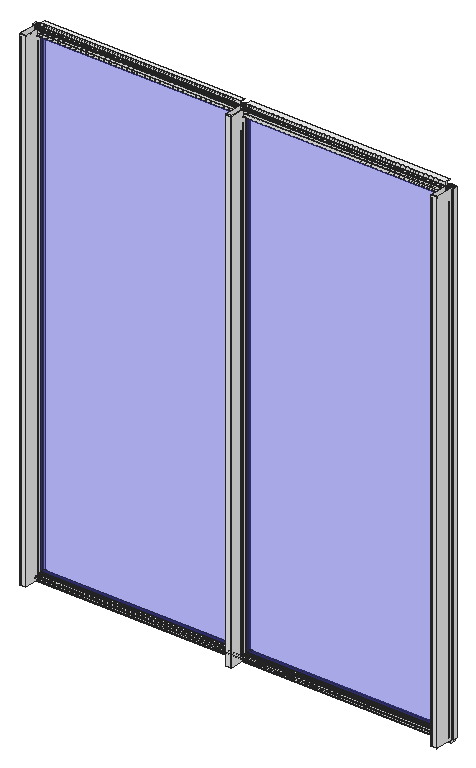
Revit family "Facade_60_Curtain_Wall_S21_Standard", category Windows, host Wall, Revit 2014 (continued)
Definition of nested family "F60 Vertical Profile Middle_S21_Std"
  Forms (mm)
    Extrusion 3, solid, material <- "Thermal Break Material", visible <- "Single Glazing"
      sketch origin (0, 0, 0) x (1, 0, 0) y (0, 1, 0)
        loop
          line (34.249, -9.511) -> (32.352, -9.511) -> (32.352, 0.19) -> (31.349, 2.261)
          arc (31.349, 2.261) -> (29.999, 2.986) -> (28.649, 2.261) r 1.62
          line (28.649, 2.261) -> (27.647, 0.19) -> (27.647, -9.511) -> (25.749, -9.511)
          arc (25.749, -9.511) -> (25.396, -9.657) -> (25.249, -10.011) r 0.5
          line (25.249, -10.011) -> (25.249, -13.511)
          arc (25.249, -13.511) -> (25.396, -13.864) -> (25.749, -14.011) r 0.5
        loop
          line (28.504, -10.005) -> (28.504, -10.861)
          arc (28.504, -10.861) -> (28.651, -11.214) -> (29.004, -11.361) r 0.5
          line (29.004, -11.361) -> (30.994, -11.361)
          arc (30.994, -11.361) -> (31.348, -11.214) -> (31.494, -10.861) r 0.5
          line (31.494, -10.861) -> (31.494, -10.005) -> (30.708, -9.219)
          arc (30.708, -9.219) -> (30.383, -9.001) -> (29.999, -8.924) r 1.007
          arc (29.999, -8.924) -> (29.616, -8.999) -> (29.292, -9.217) r 0.986
          line (29.292, -9.217) -> (28.504, -10.005)
        loop
          arc (30.896, 1.935) -> (29.887, 2.44) -> (29.005, 1.735) r 1.047
          line (29.005, 1.735) -> (28.347, 0.374) -> (28.347, -6.993)
          arc (28.347, -6.993) -> (28.583, -7.417) -> (29.068, -7.441) r 0.5
          arc (29.068, -7.441) -> (29.999, -7.223) -> (30.93, -7.441) r 2.099
          arc (30.93, -7.441) -> (31.416, -7.417) -> (31.652, -6.993) r 0.5
          line (31.652, -6.993) -> (31.652, 0.374) -> (30.896, 1.935)
      from 0 to 250 <- "Length"
    Extrusion 4, solid, material <- "Profile Material", visible <- "Single Glazing"
      sketch origin (0, 0, 0) x (1, 0, 0) y (0, 1, 0)
        loop
          line (52.693, -14.011) -> (32.327, -14.011) -> (31.519, -12.611) -> (28.481, -12.611) -> (27.673, -14.011) -> (7.307, -14.011) -> (7.307, -15.011) -> (8.457, -15.011) -> (8.457, -16.261) -> (2.957, -16.261) -> (2.957, -15.011) -> (4.107, -15.011) -> (4.107, -14.011) -> (1.707, -14.011)
          arc (1.707, -14.011) -> (1.199, -14.293) -> (1.168, -14.873) r 0.6
          line (1.168, -14.873) -> (2.093, -16.772) -> (1.015, -17.298) -> (1.484, -18.261) -> (11.488, -18.261)
          arc (11.488, -18.261) -> (11.913, -18.085) -> (12.088, -17.661) r 0.6
          line (12.088, -17.661) -> (12.088, -16.811) -> (47.912, -16.811) -> (47.912, -17.661)
          arc (47.912, -17.661) -> (48.088, -18.085) -> (48.512, -18.261) r 0.6
          line (48.512, -18.261) -> (58.518, -18.261) -> (58.987, -17.298) -> (57.908, -16.772) -> (58.834, -14.874)
          arc (58.834, -14.874) -> (58.802, -14.293) -> (58.293, -14.011) r 0.6
          line (58.293, -14.011) -> (55.893, -14.011) -> (55.893, -15.011) -> (57.043, -15.011) -> (57.043, -16.261) -> (51.543, -16.261) -> (51.543, -15.011) -> (52.693, -15.011) -> (52.693, -14.011)
      from 0 to 250 <- "Length"
    Extrusion 5, solid, material <- "Profile Material", visible <- "Single Glazing"
      sketch origin (0, 0, 0) x (1, 0, 0) y (0, 1, 0)
        loop
          line (2.801, -18.261) -> (1.484, -18.261) -> (1.015, -17.298) -> (2.093, -16.772) -> (0.779, -14.076)
          arc (0.779, -14.076) -> (0.239, -14.21) -> (0.001, -14.713) r 0.65
          line (0.001, -14.713) -> (0.001, -28.068)
          arc (0.001, -28.068) -> (1.172, -30.897) -> (4.001, -32.068) r 4
          line (4.001, -32.068) -> (30.001, -32.068) -> (56.001, -32.068)
          arc (56.001, -32.068) -> (58.829, -30.897) -> (60.001, -28.068) r 4
          line (60.001, -28.068) -> (60.001, -14.713)
          arc (60.001, -14.713) -> (59.763, -14.21) -> (59.223, -14.076) r 0.65
          line (59.223, -14.076) -> (57.908, -16.772) -> (58.987, -17.298) -> (58.518, -18.261) -> (57.201, -18.261)
          arc (57.201, -18.261) -> (56.83, -18.425) -> (56.703, -18.811) r 0.5
          arc (56.703, -18.811) -> (56.83, -19.196) -> (57.201, -19.361) r 0.5
          line (57.201, -19.361) -> (58.951, -19.361) -> (58.951, -27.968)
          arc (58.951, -27.968) -> (58.131, -29.948) -> (56.151, -30.768) r 2.8
          line (56.151, -30.768) -> (30.001, -30.768) -> (3.851, -30.768)
          arc (3.851, -30.768) -> (1.871, -29.948) -> (1.051, -27.968) r 2.8
          line (1.051, -27.968) -> (1.051, -19.361) -> (2.801, -19.361)
          arc (2.801, -19.361) -> (3.172, -19.196) -> (3.298, -18.811) r 0.5
          arc (3.298, -18.811) -> (3.172, -18.425) -> (2.801, -18.261) r 0.5
      from 0 to 250 <- "Length"
    Extrusion 6, solid, material <- "Profile Material", visible <- "100mm Mullion"
      sketch origin (0, 0, 0) x (1, 0, 0) y (0, 1, 0)
        loop
          line (14.02, 13) -> (45.98, 13)
          arc (45.98, 13) -> (46.539, 12.842) -> (46.917, 12.4) r 1
          arc (46.917, 12.4) -> (47.285, 11.963) -> (47.833, 11.8) r 1
          line (47.833, 11.8) -> (58.15, 11.8) -> (58.15, 96.3) -> (47.833, 96.3)
          arc (47.833, 96.3) -> (47.285, 96.137) -> (46.917, 95.7) r 1
          arc (46.917, 95.7) -> (46.548, 95.263) -> (46, 95.1) r 1
          line (46, 95.1) -> (14, 95.1)
          arc (14, 95.1) -> (13.452, 95.263) -> (13.083, 95.7) r 1
          arc (13.083, 95.7) -> (12.715, 96.137) -> (12.167, 96.3) r 1
          line (12.167, 96.3) -> (1.85, 96.3) -> (1.85, 11.8) -> (12.167, 11.8)
          arc (12.167, 11.8) -> (12.715, 11.963) -> (13.083, 12.4) r 1
          arc (13.083, 12.4) -> (13.461, 12.842) -> (14.02, 13) r 1
        loop
          line (1.65, 9.856) -> (58.35, 9.856) -> (58.35, 5.2) -> (60, 5.2) -> (60, 98.8)
          arc (60, 98.8) -> (59.707, 99.507) -> (59, 99.8) r 1
          line (59, 99.8) -> (1, 99.8)
          arc (1, 99.8) -> (0.293, 99.507) -> (0, 98.8) r 1
          line (0, 98.8) -> (0, 5.2) -> (1.65, 5.2) -> (1.65, 9.856)
      from 0 to 250 <- "Length"
    Extrusion 7, solid, material <- "Profile Material", visible <- "160mm Mullion"
      sketch origin (0, 0, 0) x (1, 0, 0) y (0, 1, 0)
        loop
          arc (2.35, 15.6) -> (2.526, 15.176) -> (2.95, 15) r 0.6
          line (2.95, 15) -> (57.05, 15)
          arc (57.05, 15) -> (57.474, 15.176) -> (57.65, 15.6) r 0.6
          line (57.65, 15.6) -> (57.65, 153.7)
          arc (57.65, 153.7) -> (57.474, 154.124) -> (57.05, 154.3) r 0.6
          line (57.05, 154.3) -> (47.833, 154.3)
          arc (47.833, 154.3) -> (47.285, 154.137) -> (46.917, 153.7) r 1
          arc (46.917, 153.7) -> (46.548, 153.263) -> (46, 153.1) r 1
          line (46, 153.1) -> (14, 153.1)
          arc (14, 153.1) -> (13.452, 153.263) -> (13.083, 153.7) r 1
          arc (13.083, 153.7) -> (12.715, 154.137) -> (12.167, 154.3) r 1
          line (12.167, 154.3) -> (2.95, 154.3)
          arc (2.95, 154.3) -> (2.526, 154.124) -> (2.35, 153.7) r 0.6
          line (2.35, 153.7) -> (2.35, 15.6)
        loop
          arc (1, 159.8) -> (0.293, 159.507) -> (0, 158.8) r 1
          line (0, 158.8) -> (0, 5.2) -> (1.65, 5.2) -> (1.65, 10.013) -> (58.35, 10.013) -> (58.35, 5.2) -> (60, 5.2) -> (60, 158.8)
          arc (60, 158.8) -> (59.707, 159.507) -> (59, 159.8) r 1
          line (59, 159.8) -> (1, 159.8)
      from 0 to 250 <- "Length"
    Extrusion 8, solid, material <- "Profile Material", visible <- "190mm Mullion"
      sketch origin (0, 0, 0) x (1, 0, 0) y (0, 1, 0)
        loop
          line (57.25, 15.1) -> (57.25, 178.3)
          arc (57.25, 178.3) -> (56.957, 179.007) -> (56.25, 179.3) r 1
          line (56.25, 179.3) -> (3.75, 179.3)
          arc (3.75, 179.3) -> (3.043, 179.007) -> (2.75, 178.3) r 1
          line (2.75, 178.3) -> (2.75, 15.1)
          arc (2.75, 15.1) -> (2.984, 14.534) -> (3.55, 14.3) r 0.8
          line (3.55, 14.3) -> (56.45, 14.3)
          arc (56.45, 14.3) -> (57.016, 14.534) -> (57.25, 15.1) r 0.8
        loop
          line (60, 5.2) -> (60, 188.8)
          arc (60, 188.8) -> (59.707, 189.507) -> (59, 189.8) r 1
          line (59, 189.8) -> (1, 189.8)
          arc (1, 189.8) -> (0.293, 189.507) -> (0, 188.8) r 1
          line (0, 188.8) -> (0, 5.2) -> (1.65, 5.2) -> (1.65, 9.856) -> (58.35, 9.856) -> (58.35, 5.2) -> (60, 5.2)
      from 0 to 250 <- "Length"
    Extrusion 9, solid, material <- "Thermal Break Material", visible <- "Double Glazing"
      sketch origin (0, 0, 0) x (1, 0, 0) y (0, 1, 0)
        loop
          line (27.672, -28) -> (28.48, -26.6) -> (31.518, -26.6) -> (32.326, -28) -> (34.249, -28)
          arc (34.249, -28) -> (34.603, -27.854) -> (34.749, -27.5) r 0.5
          line (34.749, -27.5) -> (34.749, -10)
          arc (34.749, -10) -> (34.603, -9.646) -> (34.249, -9.5) r 0.5
          line (34.249, -9.5) -> (32.352, -9.5) -> (32.352, 0.198) -> (31.348, 2.272)
          arc (31.348, 2.272) -> (29.998, 2.997) -> (28.648, 2.272) r 1.62
          line (28.648, 2.272) -> (27.645, 0.201) -> (27.645, -9.5) -> (25.749, -9.5)
          arc (25.749, -9.5) -> (25.396, -9.646) -> (25.249, -10) r 0.5
          line (25.249, -10) -> (25.249, -27.5)
          arc (25.249, -27.5) -> (25.396, -27.854) -> (25.749, -28) r 0.5
          line (25.749, -28) -> (27.672, -28)
        loop
          arc (30.706, -9.206) -> (30.382, -8.99) -> (29.999, -8.913) r 1.007
          arc (29.999, -8.913) -> (29.616, -8.988) -> (29.292, -9.206) r 0.986
          line (29.292, -9.206) -> (27.142, -11.356)
          arc (27.142, -11.356) -> (26.926, -11.68) -> (26.849, -12.063) r 1
          line (26.849, -12.063) -> (26.849, -24)
          arc (26.849, -24) -> (27.142, -24.707) -> (27.849, -25) r 1
          line (27.849, -25) -> (32.149, -25)
          arc (32.149, -25) -> (32.856, -24.707) -> (33.149, -24) r 1
          line (33.149, -24) -> (33.149, -12.063)
          arc (33.149, -12.063) -> (33.073, -11.68) -> (32.856, -11.356) r 1
          line (32.856, -11.356) -> (30.706, -9.206)
        loop
          arc (28.345, -6.982) -> (28.581, -7.407) -> (29.067, -7.43) r 0.5
          arc (29.067, -7.43) -> (29.998, -7.213) -> (30.929, -7.43) r 2.099
          arc (30.929, -7.43) -> (31.414, -7.407) -> (31.651, -6.982) r 0.5
          line (31.651, -6.982) -> (31.651, 0.385) -> (30.895, 1.946)
          arc (30.895, 1.946) -> (29.885, 2.45) -> (29.004, 1.745) r 1.047
          line (29.004, 1.745) -> (28.345, 0.385) -> (28.345, -6.982)
      from 0 to 250 <- "Length"
    Extrusion 10, solid, material <- "Profile Material", visible <- "Double Glazing"
      sketch origin (0, 0, 0) x (1, 0, 0) y (0, 1, 0)
        loop
          line (52.692, -28) -> (32.327, -28) -> (31.518, -26.6) -> (28.48, -26.6) -> (27.672, -28) -> (7.306, -28) -> (7.306, -29) -> (8.456, -29) -> (8.456, -30.25) -> (2.956, -30.25) -> (2.956, -29) -> (4.106, -29) -> (4.106, -28) -> (1.706, -28)
          arc (1.706, -28) -> (1.198, -28.282) -> (1.167, -28.863) r 0.6
          line (1.167, -28.863) -> (2.093, -30.762) -> (1.014, -31.288) -> (1.483, -32.25) -> (11.488, -32.25)
          arc (11.488, -32.25) -> (11.912, -32.074) -> (12.088, -31.65) r 0.6
          line (12.088, -31.65) -> (12.088, -30.8) -> (47.911, -30.8) -> (47.911, -31.65)
          arc (47.911, -31.65) -> (48.087, -32.074) -> (48.511, -32.25) r 0.6
          line (48.511, -32.25) -> (58.517, -32.25) -> (58.986, -31.288) -> (57.907, -30.762) -> (58.833, -28.864)
          arc (58.833, -28.864) -> (58.801, -28.282) -> (58.292, -28) r 0.6
          line (58.292, -28) -> (55.892, -28) -> (55.892, -29) -> (57.042, -29) -> (57.042, -30.25) -> (51.542, -30.25) -> (51.542, -29) -> (52.692, -29) -> (52.692, -28)
      from 0 to 250 <- "Length"
    Extrusion 11, solid, material <- "Profile Material", visible <- "Double Glazing"
      sketch origin (0, 0, 0) x (1, 0, 0) y (0, 1, 0)
        loop
          line (2.8, -32.25) -> (1.483, -32.25) -> (1.014, -31.288) -> (2.093, -30.762) -> (0.778, -28.065)
          arc (0.778, -28.065) -> (0.238, -28.2) -> (0, -28.702) r 0.65
          line (0, -28.702) -> (0, -42.058)
          arc (0, -42.058) -> (1.172, -44.886) -> (4, -46.058) r 4
          line (4, -46.058) -> (30, -46.058) -> (56, -46.058)
          arc (56, -46.058) -> (58.828, -44.886) -> (60, -42.058) r 4
          line (60, -42.058) -> (60, -28.702)
          arc (60, -28.702) -> (59.762, -28.2) -> (59.222, -28.065) r 0.65
          line (59.222, -28.065) -> (57.907, -30.762) -> (58.986, -31.288) -> (58.517, -32.25) -> (57.2, -32.25)
          arc (57.2, -32.25) -> (56.829, -32.415) -> (56.703, -32.8) r 0.5
          arc (56.703, -32.8) -> (56.829, -33.185) -> (57.2, -33.35) r 0.5
          line (57.2, -33.35) -> (58.95, -33.35) -> (58.95, -41.958)
          arc (58.95, -41.958) -> (58.13, -43.938) -> (56.15, -44.758) r 2.8
          line (56.15, -44.758) -> (30, -44.758) -> (3.85, -44.758)
          arc (3.85, -44.758) -> (1.87, -43.938) -> (1.05, -41.958) r 2.8
          line (1.05, -41.958) -> (1.05, -33.35) -> (2.8, -33.35)
          arc (2.8, -33.35) -> (3.171, -33.185) -> (3.297, -32.8) r 0.5
          arc (3.297, -32.8) -> (3.171, -32.415) -> (2.8, -32.25) r 0.5
      from 0 to 250 <- "Length"
    Extrusion 12, solid, material <- "Profile Material", visible <- "Double Glazing"
      sketch origin (0, 0, 0) x (1, 0, 0) y (0, 1, 0)
        loop
          line (12, -7.775) -> (0, -7.775) -> (0, -25.775) -> (12, -25.775) -> (12, -7.775)
        loop
          line (10.8, -8.975) -> (1.2, -8.975) -> (1.2, -24.575) -> (10.8, -24.575) -> (10.8, -8.975)
      from 0 to 250 <- "Length"
  Lines and regions (mm)
    model lines, style "GenericModelHiddenLines", visible <- "Half 100mm Expansion Break"
      curve 1: line (60, 5.2, 125) -> (60, 95.2, 125)
      curve 2: line (60, 99.8, 125) -> (0, 99.8, 125)
      curve 8: line (0, 5.2, 125) -> (0, 95.2, 125)
    model lines, style "GenericModelHiddenLines", visible <- "Quarter 100mm Expansion Break"
      curve 3: line (60, 5.2, 187.5) -> (60, 95.2, 187.5)
      curve 4: line (60, 5.2, 62.5) -> (60, 95.2, 62.5)
      curve 5: line (60, 99.8, 62.5) -> (0, 99.8, 62.5)
      curve 6: line (60, 99.8, 187.5) -> (0, 99.8, 187.5)
      curve 7: line (0, 5.2, 187.5) -> (0, 95.2, 187.5)
      curve 9: line (0, 5.2, 62.5) -> (0, 95.2, 62.5)
    model lines, style "GenericModelHiddenLines", visible <- "Half SG Expansion Break"
      curve 10: line (4.107, -32.068, 125) -> (55.893, -32.068, 125)
      curve 14: line (60.001, -14.011, 125) -> (60.001, -32.068, 125)
    model lines, style "GenericModelHiddenLines", visible <- "Quarter SG Expansion Break"
      curve 11: line (4.107, -32.068, 187.5) -> (56.703, -32.068, 187.5)
      curve 12: line (4.107, -32.068, 62.5) -> (56.703, -32.068, 62.5)
      curve 13: line (60.001, -14.011, 187.5) -> (60.001, -32.068, 187.5)
      curve 15: line (60.001, -14.011, 62.5) -> (60.001, -32.068, 62.5)
    model lines, style "GenericModelHiddenLines", visible <- "Quarter 160mm Expansion Break"
      curve 16: line (0, 5.2, 187.5) -> (0, 155.2, 187.5)
      curve 18: line (0, 5.2, 62.5) -> (0, 155.2, 62.5)
      curve 19: line (0, 159.8, 187.5) -> (60, 159.8, 187.5)
      curve 21: line (0, 159.8, 62.5) -> (60, 159.8, 62.5)
      curve 22: line (60, 5.2, 187.5) -> (60, 155.2, 187.5)
      curve 24: line (60, 5.2, 62.5) -> (60, 155.2, 62.5)
    model lines, style "GenericModelHiddenLines", visible <- "Half 160mm Expansion Break"
      curve 17: line (0, 5.2, 125) -> (0, 155.2, 125)
      curve 20: line (0, 159.8, 125) -> (60, 159.8, 125)
      curve 23: line (60, 5.2, 125) -> (60, 155.2, 125)
    model lines, style "GenericModelHiddenLines", visible <- "Quarter 190mm Expansion Break"
      curve 25: line (0, 5.2, 187.5) -> (0, 185.2, 187.5)
      curve 27: line (0, 5.2, 62.5) -> (0, 185.2, 62.5)
      curve 28: line (0.779, 189.8, 187.5) -> (59.222, 189.8, 187.5)
      curve 30: line (0.779, 189.8, 62.5) -> (59.222, 189.8, 62.5)
      curve 31: line (60, 5.2, 187.5) -> (60, 185.2, 187.5)
      curve 33: line (60, 5.2, 62.5) -> (60, 185.2, 62.5)
    model lines, style "GenericModelHiddenLines", visible <- "Half 190mm Expansion Joint"
      curve 26: line (0, 5.2, 125) -> (0, 185.2, 125)
      curve 29: line (0.779, 189.8, 125) -> (59.222, 189.8, 125)
      curve 32: line (60, 5.2, 125) -> (60, 185.2, 125)
    model lines, style "GenericModelHiddenLines", visible <- "Quarter DG Expansion Break"
      curve 34: line (60, -28.065, 187.5) -> (60, -46.074, 187.5)
      curve 36: line (60, -28.065, 62.5) -> (60, -46.027, 62.5)
      curve 37: line (59.222, -46.058, 187.5) -> (0.779, -46.058, 187.5)
      curve 39: line (59.222, -46.058, 62.5) -> (0.779, -46.058, 62.5)
    model lines, style "GenericModelHiddenLines", visible <- "Half DG Expansion Break"
      curve 35: line (60, -28.065, 125) -> (60, -46.074, 125)
      curve 38: line (59.222, -46.058, 125) -> (0.779, -46.058, 125)
  Dimensions and locks
    "Half Length": curve 1 to level
    "Half Length": level to curve 2
    "Quarter Length": curve 4 to level
    "Quarter Length": Extrusion 8 to curve 3
    "Quarter Length": level to curve 5
    "Quarter Length": curve 6 to Extrusion 6
    "Quarter Length": curve 9 to level
    "Half Length": curve 8 to level
    "Quarter Length": Extrusion 8 to curve 7
    "Quarter Length": curve 12 to level
    "Half Length": curve 10 to level
    "Quarter Length": Extrusion 5 to curve 11
    "Quarter Length": curve 15 to level
    "Half Length": curve 14 to level
    "Quarter Length": Extrusion 5 to curve 13
    "Quarter Length": Extrusion 7 to curve 18
    "Half Length": Extrusion 7 to curve 17
    "Quarter Length": Extrusion 7 to curve 16
    "Quarter Length": Extrusion 7 to curve 21
    "Quarter Length": curve 19 to Extrusion 7
    "Half Length": Extrusion 7 to curve 20
    "Quarter Length": Extrusion 7 to curve 24
    "Quarter Length": Extrusion 7 to curve 22
    "Half Length": Extrusion 7 to curve 23
    "Quarter Length": Extrusion 8 to curve 27
    "Quarter Length": Extrusion 8 to curve 25
    "Half Length": Extrusion 8 to curve 26
    "Quarter Length": Extrusion 8 to curve 30
    "Quarter Length": curve 28 to Extrusion 8
    "Half Length": Extrusion 8 to curve 29
    "Quarter Length": Extrusion 8 to curve 33
    "Quarter Length": Extrusion 8 to curve 31
    "Half Length": Extrusion 8 to curve 32
    "Quarter Length": Extrusion 11 to curve 36
    "Quarter Length": Extrusion 11 to curve 34
    "Half Length": Extrusion 11 to curve 35
    "Quarter Length": Extrusion 11 to curve 37
    "Quarter Length": curve 39 to Extrusion 11
    "Half Length": curve 38 to Extrusion 11
    aligned and locked: level to plane 2
  Automatic sketch dimensions
    Extrusion 1 sketch curve to plane 3 "Center (Left/Right)" = 0 mm
    plane 1 "Center (Front/Back)" to Extrusion 1 sketch curve = 0 mm  (x4)
    plane 3 "Center (Left/Right)" to Extrusion 1 sketch curve = 0.5 mm
    Extrusion 1 sketch curve to Extrusion 1 sketch curve = 0.7 mm  (x2)
    Extrusion 1 sketch curve to Extrusion 1 sketch curve = 1.15 mm  (x4)
    Extrusion 1 sketch curve to Extrusion 1 sketch curve = 3.2 mm  (x2)
    Extrusion 1 sketch curve to Extrusion 1 sketch curve = 0.9 mm
    Extrusion 1 sketch curve to Extrusion 1 sketch curve = 0.25 mm
    Extrusion 1 sketch curve to Extrusion 1 sketch curve = 0.8 mm  (x7)
    Extrusion 1 sketch curve to Extrusion 1 sketch curve = 1.45 mm  (x2)
    Extrusion 1 sketch curve to Extrusion 1 sketch curve = 0.65 mm  (x3)
    Extrusion 1 sketch curve to Extrusion 1 sketch curve = 0.95 mm  (x3)
    Extrusion 1 sketch curve to Extrusion 1 sketch curve = 0.6 mm  (x3)
    Extrusion 1 sketch curve to plane 1 "Center (Front/Back)" = 7 mm
    Extrusion 1 sketch curve to Extrusion 1 sketch curve = 14.999 mm  (x2)
    plane 1 "Center (Front/Back)" to Extrusion 1 sketch curve = 8.7 mm
    Extrusion 1 sketch curve to Extrusion 1 sketch curve = 1.85 mm
    Extrusion 1 sketch curve to Extrusion 1 sketch curve = 2.9 mm
    Extrusion 1 sketch curve to Extrusion 1 sketch curve = 5.802 mm
    Extrusion 1 sketch curve to Extrusion 1 sketch curve = 1.049 mm
    Extrusion 1 sketch curve to plane 1 "Center (Front/Back)" = 4.55 mm
    Extrusion 1 sketch curve to plane 1 "Center (Front/Back)" = 0.5 mm  (x3)
    Extrusion 1 sketch curve to Extrusion 1 sketch curve = 1.2 mm
    Extrusion 1 sketch curve to plane 1 "Center (Front/Back)" = 1.15 mm  (x2)
    Extrusion 1 sketch curve to Extrusion 1 sketch curve = 0 mm
    Extrusion 1 sketch curve to Extrusion 1 sketch curve = 1.3 mm  (x2)
    Extrusion 1 sketch curve to Extrusion 1 sketch curve = 0.05 mm  (x2)
    Extrusion 1 sketch curve to Extrusion 1 sketch curve = 0.85 mm  (x2)
    Extrusion 1 sketch curve to plane 1 "Center (Front/Back)" = 6.2 mm
    Extrusion 2 sketch curve to plane 3 "Center (Left/Right)" = 0 mm
    plane 3 "Center (Left/Right)" to Extrusion 2 sketch curve = 1.75 mm
    Extrusion 2 sketch curve to Extrusion 2 sketch curve = 4.6 mm  (x4)
    Extrusion 2 sketch curve to Extrusion 2 sketch curve = 0.6 mm  (x2)
    Extrusion 2 sketch curve to plane 1 "Center (Front/Back)" = 9.8 mm
    Extrusion 2 sketch curve to Extrusion 2 sketch curve = 23.05 mm  (x2)
    Extrusion 2 sketch curve to Extrusion 2 sketch curve = 0 mm
    Extrusion 2 sketch curve to plane 1 "Center (Front/Back)" = 8.456 mm
    Extrusion 2 sketch curve to Extrusion 2 sketch curve = 1.75 mm
    Extrusion 2 sketch curve to plane 1 "Center (Front/Back)" = 3.9 mm  (x2)
    plane 3 "Center (Left/Right)" to Extrusion 3 sketch curve = 25.249 mm
    Extrusion 3 sketch curve to Extrusion 3 sketch curve = 0.5 mm  (x6)
    Extrusion 3 sketch curve to plane 1 "Center (Front/Back)" = 0.19 mm  (x2)
    Extrusion 3 sketch curve to Extrusion 3 sketch curve = 1.897 mm  (x2)
    Extrusion 3 sketch curve to Extrusion 3 sketch curve = 1.922 mm  (x2)
    Extrusion 3 sketch curve to plane 1 "Center (Front/Back)" = 0.374 mm  (x2)
    Extrusion 3 sketch curve to Extrusion 3 sketch curve = 0.7 mm  (x2)
    plane 1 "Center (Front/Back)" to Extrusion 3 sketch curve = 12.611 mm
    Extrusion 3 sketch curve to Extrusion 3 sketch curve = 0.809 mm
    Extrusion 3 sketch curve to Extrusion 3 sketch curve = 0.858 mm
    Extrusion 3 sketch curve to plane 1 "Center (Front/Back)" = 2.261 mm  (x2)
    Extrusion 3 sketch curve to Extrusion 3 sketch curve = 0.303 mm
    Extrusion 3 sketch curve to plane 1 "Center (Front/Back)" = 1.735 mm
    Extrusion 3 sketch curve to Extrusion 3 sketch curve = 0.356 mm
    plane 1 "Center (Front/Back)" to Extrusion 3 sketch curve = 9.217 mm
    Extrusion 3 sketch curve to Extrusion 3 sketch curve = 0.788 mm
    Extrusion 3 sketch curve to Extrusion 3 sketch curve = 0.701 mm
    Extrusion 3 sketch curve to Extrusion 3 sketch curve = 0.003 mm
    Extrusion 3 sketch curve to Extrusion 3 sketch curve = 0.992 mm
    Extrusion 3 sketch curve to Extrusion 3 sketch curve = 0.006 mm
    Extrusion 3 sketch curve to Extrusion 3 sketch curve = 0.002 mm
    plane 1 "Center (Front/Back)" to Extrusion 3 sketch curve = 9.219 mm
    Extrusion 3 sketch curve to Extrusion 3 sketch curve = 0.709 mm
    Extrusion 3 sketch curve to plane 1 "Center (Front/Back)" = 1.935 mm
    Extrusion 3 sketch curve to Extrusion 3 sketch curve = 0.899 mm
    Extrusion 3 sketch curve to Extrusion 3 sketch curve = 0.998 mm
    Extrusion 3 sketch curve to Extrusion 3 sketch curve = 0.444 mm
    Extrusion 3 sketch curve to Extrusion 3 sketch curve = 0.524 mm
    Extrusion 3 sketch curve to Extrusion 3 sketch curve = 0.756 mm
    Extrusion 3 sketch curve to Extrusion 3 sketch curve = 0.808 mm
    Extrusion 3 sketch curve to Extrusion 3 sketch curve = 0.9 mm  (x2)
    Extrusion 3 sketch curve to Extrusion 3 sketch curve = 1.25 mm
    Extrusion 3 sketch curve to Extrusion 3 sketch curve = 0.85 mm  (x2)
    Extrusion 3 sketch curve to Extrusion 3 sketch curve = 0.856 mm  (x2)
    Extrusion 3 sketch curve to Extrusion 3 sketch curve = 0.714 mm
    Extrusion 3 sketch curve to Extrusion 3 sketch curve = 0.02 mm
    Extrusion 3 sketch curve to Extrusion 3 sketch curve = 0.399 mm
    Extrusion 3 sketch curve to Extrusion 3 sketch curve = 2.224 mm
    Extrusion 3 sketch curve to Extrusion 3 sketch curve = 0.448 mm
    Extrusion 3 sketch curve to Extrusion 3 sketch curve = 0.032 mm
    Extrusion 3 sketch curve to Extrusion 3 sketch curve = 0 mm
    plane 3 "Center (Left/Right)" to Extrusion 4 sketch curve = 1.015 mm
    Extrusion 4 sketch curve to Extrusion 4 sketch curve = 0.469 mm
    plane 3 "Center (Left/Right)" to Extrusion 4 sketch curve = 1.707 mm
    Extrusion 4 sketch curve to Extrusion 4 sketch curve = 1.079 mm
    Extrusion 4 sketch curve to Extrusion 4 sketch curve = 0.864 mm
    Extrusion 4 sketch curve to Extrusion 4 sketch curve = 1.15 mm  (x4)
    Extrusion 4 sketch curve to Extrusion 4 sketch curve = 3.2 mm  (x2)
    Extrusion 4 sketch curve to Extrusion 4 sketch curve = 3.031 mm  (x2)
    Extrusion 4 sketch curve to Extrusion 4 sketch curve = 0.6 mm  (x3)
    Extrusion 4 sketch curve to Extrusion 4 sketch curve = 15.584 mm  (x2)
    plane 1 "Center (Front/Back)" to Extrusion 4 sketch curve = 12.611 mm
    Extrusion 4 sketch curve to Extrusion 4 sketch curve = 0.808 mm  (x2)
    Extrusion 4 sketch curve to Extrusion 4 sketch curve = 3.038 mm
    plane 1 "Center (Front/Back)" to Extrusion 4 sketch curve = 14.011 mm
    plane 1 "Center (Front/Back)" to Extrusion 4 sketch curve = 16.772 mm
    Extrusion 4 sketch curve to Extrusion 4 sketch curve = 0.865 mm
    Extrusion 4 sketch curve to Extrusion 4 sketch curve = 1.25 mm  (x4)
    plane 1 "Center (Front/Back)" to Extrusion 4 sketch curve = 18.261 mm
    Extrusion 4 sketch curve to Extrusion 4 sketch curve = 0.61 mm
    plane 1 "Center (Front/Back)" to Extrusion 4 sketch curve = 17.298 mm
    Extrusion 4 sketch curve to Extrusion 4 sketch curve = 5.65 mm
    Extrusion 4 sketch curve to Extrusion 4 sketch curve = 0.962 mm
    Extrusion 4 sketch curve to Extrusion 4 sketch curve = 0.85 mm
    Extrusion 4 sketch curve to Extrusion 4 sketch curve = 0.512 mm  (x2)
    Extrusion 4 sketch curve to Extrusion 4 sketch curve = 1 mm  (x2)
    Extrusion 4 sketch curve to Extrusion 4 sketch curve = 0.4 mm  (x2)
    Extrusion 4 sketch curve to Extrusion 4 sketch curve = 1.4 mm
    Extrusion 4 sketch curve to Extrusion 4 sketch curve = 0.539 mm  (x2)
    Extrusion 4 sketch curve to Extrusion 4 sketch curve = 0 mm
    plane 1 "Center (Front/Back)" to Extrusion 4 sketch curve = 14.874 mm
    plane 3 "Center (Left/Right)" to Extrusion 5 sketch curve = 0.001 mm
    Extrusion 5 sketch curve to Extrusion 5 sketch curve = 0.65 mm  (x2)
    Extrusion 5 sketch curve to Extrusion 5 sketch curve = 0.128 mm  (x2)
    plane 3 "Center (Left/Right)" to Extrusion 5 sketch curve = 1.015 mm
    plane 3 "Center (Left/Right)" to Extrusion 5 sketch curve = 1.051 mm
    Extrusion 5 sketch curve to Extrusion 5 sketch curve = 0.469 mm  (x2)
    Extrusion 5 sketch curve to Extrusion 5 sketch curve = 1.079 mm
    Extrusion 5 sketch curve to Extrusion 5 sketch curve = 1.317 mm  (x2)
    Extrusion 5 sketch curve to Extrusion 5 sketch curve = 0 mm  (x3)
    plane 3 "Center (Left/Right)" to Extrusion 5 sketch curve = 3.851 mm
    Extrusion 5 sketch curve to Extrusion 5 sketch curve = 0.15 mm  (x2)
    Extrusion 5 sketch curve to Extrusion 5 sketch curve = 26 mm  (x2)
    Extrusion 5 sketch curve to Extrusion 5 sketch curve = 1.05 mm
    plane 1 "Center (Front/Back)" to Extrusion 5 sketch curve = 16.772 mm
    Extrusion 5 sketch curve to Extrusion 5 sketch curve = 0.707 mm
    Extrusion 5 sketch curve to Extrusion 5 sketch curve = 0.433 mm
    plane 1 "Center (Front/Back)" to Extrusion 5 sketch curve = 17.298 mm
    plane 1 "Center (Front/Back)" to Extrusion 5 sketch curve = 14.076 mm
    Extrusion 5 sketch curve to Extrusion 5 sketch curve = 0.5 mm  (x2)
    plane 1 "Center (Front/Back)" to Extrusion 5 sketch curve = 18.761 mm
    Extrusion 5 sketch curve to Extrusion 5 sketch curve = 0.1 mm  (x3)
    Extrusion 5 sketch curve to Extrusion 5 sketch curve = 1.1 mm  (x2)
    Extrusion 5 sketch curve to Extrusion 5 sketch curve = 8.608 mm
    Extrusion 5 sketch curve to Extrusion 5 sketch curve = 0.962 mm
    Extrusion 6 sketch curve to plane 3 "Center (Left/Right)" = 0 mm
    plane 3 "Center (Left/Right)" to Extrusion 6 sketch curve = 1 mm
    plane 3 "Center (Left/Right)" to Extrusion 6 sketch curve = 1.65 mm
    plane 3 "Center (Left/Right)" to Extrusion 6 sketch curve = 1.85 mm
    Extrusion 6 sketch curve to Extrusion 6 sketch curve = 10.317 mm  (x3)
    Extrusion 6 sketch curve to Extrusion 6 sketch curve = 1.833 mm  (x4)
    Extrusion 6 sketch curve to Extrusion 6 sketch curve = 0.02 mm  (x2)
    Extrusion 6 sketch curve to plane 1 "Center (Front/Back)" = 13 mm
    Extrusion 6 sketch curve to Extrusion 6 sketch curve = 31.961 mm
    Extrusion 6 sketch curve to Extrusion 6 sketch curve = 32 mm
    Extrusion 6 sketch curve to Extrusion 6 sketch curve = 0.2 mm  (x5)
    Extrusion 6 sketch curve to Extrusion 6 sketch curve = 0.85 mm
    Extrusion 6 sketch curve to Extrusion 6 sketch curve = 1.65 mm
    Extrusion 6 sketch curve to Extrusion 6 sketch curve = 1 mm  (x8)
    Extrusion 6 sketch curve to Extrusion 6 sketch curve = 1.944 mm
    Extrusion 6 sketch curve to Extrusion 6 sketch curve = 4.656 mm  (x2)
    Extrusion 6 sketch curve to Extrusion 6 sketch curve = 82.1 mm
    Extrusion 6 sketch curve to Extrusion 6 sketch curve = 2.5 mm
    Extrusion 7 sketch curve to plane 3 "Center (Left/Right)" = 0 mm
    Extrusion 7 sketch curve to Extrusion 7 sketch curve = 1 mm  (x3)
    plane 3 "Center (Left/Right)" to Extrusion 7 sketch curve = 1.65 mm
    plane 3 "Center (Left/Right)" to Extrusion 7 sketch curve = 2.35 mm
    Extrusion 7 sketch curve to Extrusion 7 sketch curve = 0.6 mm  (x3)
    Extrusion 7 sketch curve to Extrusion 7 sketch curve = 9.217 mm  (x2)
    Extrusion 7 sketch curve to Extrusion 7 sketch curve = 1.833 mm  (x2)
    Extrusion 7 sketch curve to Extrusion 7 sketch curve = 32 mm
    Extrusion 7 sketch curve to plane 1 "Center (Front/Back)" = 15 mm
    Extrusion 7 sketch curve to Extrusion 7 sketch curve = 54.1 mm
    Extrusion 7 sketch curve to Extrusion 7 sketch curve = 1.3 mm
    Extrusion 7 sketch curve to Extrusion 7 sketch curve = 1.95 mm
    Extrusion 7 sketch curve to Extrusion 7 sketch curve = 1.65 mm
    Extrusion 7 sketch curve to Extrusion 7 sketch curve = 4.987 mm
    Extrusion 7 sketch curve to Extrusion 7 sketch curve = 4.813 mm
    Extrusion 7 sketch curve to Extrusion 7 sketch curve = 4.812 mm
    Extrusion 7 sketch curve to Extrusion 7 sketch curve = 137.5 mm
    Extrusion 7 sketch curve to Extrusion 7 sketch curve = 0.2 mm  (x2)
    Extrusion 7 sketch curve to Extrusion 7 sketch curve = 0.4 mm  (x2)
    Extrusion 7 sketch curve to Extrusion 7 sketch curve = 4.5 mm
    Extrusion 8 sketch curve to plane 3 "Center (Left/Right)" = 0 mm
    Extrusion 8 sketch curve to Extrusion 8 sketch curve = 1 mm  (x3)
    plane 3 "Center (Left/Right)" to Extrusion 8 sketch curve = 1.65 mm
    plane 3 "Center (Left/Right)" to Extrusion 8 sketch curve = 2.75 mm
    Extrusion 8 sketch curve to Extrusion 8 sketch curve = 0.8 mm  (x2)
    Extrusion 8 sketch curve to Extrusion 8 sketch curve = 52.5 mm
    Extrusion 8 sketch curve to plane 1 "Center (Front/Back)" = 15.1 mm
    Extrusion 8 sketch curve to Extrusion 8 sketch curve = 52.9 mm
    Extrusion 8 sketch curve to Extrusion 8 sketch curve = 1.9 mm
    Extrusion 8 sketch curve to Extrusion 8 sketch curve = 2.75 mm
    Extrusion 8 sketch curve to Extrusion 8 sketch curve = 4.444 mm
    Extrusion 8 sketch curve to Extrusion 8 sketch curve = 4.656 mm  (x2)
    Extrusion 8 sketch curve to Extrusion 8 sketch curve = 163.2 mm
    Extrusion 8 sketch curve to Extrusion 8 sketch curve = 9.5 mm
    plane 3 "Center (Left/Right)" to Extrusion 9 sketch curve = 25.249 mm
    Extrusion 9 sketch curve to Extrusion 9 sketch curve = 0.5 mm  (x4)
    Extrusion 9 sketch curve to Extrusion 9 sketch curve = 1.1 mm
    plane 1 "Center (Front/Back)" to Extrusion 9 sketch curve = 11.356 mm  (x2)
    Extrusion 9 sketch curve to Extrusion 9 sketch curve = 0.293 mm  (x2)
    Extrusion 9 sketch curve to Extrusion 9 sketch curve = 1.896 mm
    Extrusion 9 sketch curve to Extrusion 9 sketch curve = 1.922 mm
    Extrusion 9 sketch curve to Extrusion 9 sketch curve = 1 mm  (x2)
    Extrusion 9 sketch curve to Extrusion 9 sketch curve = 0.7 mm
    Extrusion 9 sketch curve to Extrusion 9 sketch curve = 0.808 mm
    Extrusion 9 sketch curve to plane 1 "Center (Front/Back)" = 2.272 mm  (x2)
    Extrusion 9 sketch curve to Extrusion 9 sketch curve = 0.303 mm
    Extrusion 9 sketch curve to plane 1 "Center (Front/Back)" = 1.745 mm
    Extrusion 9 sketch curve to Extrusion 9 sketch curve = 0.356 mm
    plane 1 "Center (Front/Back)" to Extrusion 9 sketch curve = 9.206 mm  (x2)
    Extrusion 9 sketch curve to Extrusion 9 sketch curve = 1.647 mm
    Extrusion 9 sketch curve to Extrusion 9 sketch curve = 0.701 mm
    Extrusion 9 sketch curve to Extrusion 9 sketch curve = 0.992 mm
    Extrusion 9 sketch curve to Extrusion 9 sketch curve = 0.003 mm
    Extrusion 9 sketch curve to Extrusion 9 sketch curve = 0.002 mm
    Extrusion 9 sketch curve to Extrusion 9 sketch curve = 0.004 mm
    Extrusion 9 sketch curve to Extrusion 9 sketch curve = 0.708 mm
    Extrusion 9 sketch curve to plane 1 "Center (Front/Back)" = 1.946 mm
    Extrusion 9 sketch curve to Extrusion 9 sketch curve = 0.899 mm
    Extrusion 9 sketch curve to Extrusion 9 sketch curve = 0.444 mm
    Extrusion 9 sketch curve to Extrusion 9 sketch curve = 3.038 mm
    Extrusion 9 sketch curve to plane 1 "Center (Front/Back)" = 0.385 mm  (x2)
    Extrusion 9 sketch curve to Extrusion 9 sketch curve = 0.756 mm
    Extrusion 9 sketch curve to Extrusion 9 sketch curve = 2.153 mm
    Extrusion 9 sketch curve to Extrusion 9 sketch curve = 0.631 mm
    Extrusion 9 sketch curve to Extrusion 9 sketch curve = 0.807 mm
    Extrusion 9 sketch curve to Extrusion 9 sketch curve = 1.646 mm
    Extrusion 9 sketch curve to Extrusion 9 sketch curve = 0.707 mm
    Extrusion 9 sketch curve to Extrusion 9 sketch curve = 1.393 mm
    Extrusion 9 sketch curve to Extrusion 9 sketch curve = 1.923 mm
    Extrusion 9 sketch curve to Extrusion 9 sketch curve = 11.937 mm
    Extrusion 9 sketch curve to Extrusion 9 sketch curve = 1.6 mm
    Extrusion 9 sketch curve to Extrusion 9 sketch curve = 0.9 mm  (x2)
    Extrusion 9 sketch curve to Extrusion 9 sketch curve = 1.356 mm  (x2)
    Extrusion 9 sketch curve to Extrusion 9 sketch curve = 0.714 mm
    Extrusion 9 sketch curve to Extrusion 9 sketch curve = 0.02 mm
    Extrusion 9 sketch curve to Extrusion 9 sketch curve = 0.399 mm
    Extrusion 9 sketch curve to Extrusion 9 sketch curve = 2.224 mm
    Extrusion 9 sketch curve to Extrusion 9 sketch curve = 0.448 mm
    Extrusion 9 sketch curve to plane 1 "Center (Front/Back)" = 0.198 mm
    Extrusion 9 sketch curve to plane 1 "Center (Front/Back)" = 0.201 mm
    Extrusion 9 sketch curve to Extrusion 9 sketch curve = 0.032 mm
    Extrusion 9 sketch curve to Extrusion 9 sketch curve = 0 mm
    plane 3 "Center (Left/Right)" to Extrusion 10 sketch curve = 1.014 mm
    Extrusion 10 sketch curve to Extrusion 10 sketch curve = 0.469 mm  (x2)
    plane 3 "Center (Left/Right)" to Extrusion 10 sketch curve = 1.706 mm
    Extrusion 10 sketch curve to Extrusion 10 sketch curve = 1.079 mm
    Extrusion 10 sketch curve to Extrusion 10 sketch curve = 0.864 mm
    Extrusion 10 sketch curve to Extrusion 10 sketch curve = 1.15 mm  (x4)
    Extrusion 10 sketch curve to Extrusion 10 sketch curve = 3.2 mm  (x2)
    Extrusion 10 sketch curve to Extrusion 10 sketch curve = 3.031 mm  (x2)
    Extrusion 10 sketch curve to Extrusion 10 sketch curve = 0.6 mm  (x3)
    Extrusion 10 sketch curve to Extrusion 10 sketch curve = 15.584 mm  (x2)
    Extrusion 10 sketch curve to Extrusion 10 sketch curve = 0.808 mm  (x2)
    Extrusion 10 sketch curve to Extrusion 10 sketch curve = 3.038 mm
    Extrusion 10 sketch curve to Extrusion 10 sketch curve = 0.865 mm
    Extrusion 10 sketch curve to Extrusion 10 sketch curve = 1.25 mm  (x5)
    Extrusion 10 sketch curve to Extrusion 10 sketch curve = 0.61 mm
    plane 1 "Center (Front/Back)" to Extrusion 10 sketch curve = 31.288 mm
    Extrusion 10 sketch curve to Extrusion 10 sketch curve = 0.362 mm
    plane 1 "Center (Front/Back)" to Extrusion 10 sketch curve = 31.65 mm
    Extrusion 10 sketch curve to Extrusion 10 sketch curve = 0.962 mm
    Extrusion 10 sketch curve to Extrusion 10 sketch curve = 0.85 mm
    Extrusion 10 sketch curve to Extrusion 10 sketch curve = 0.512 mm  (x2)
    Extrusion 10 sketch curve to Extrusion 10 sketch curve = 0.4 mm  (x2)
    Extrusion 10 sketch curve to Extrusion 10 sketch curve = 1 mm
    Extrusion 10 sketch curve to Extrusion 10 sketch curve = 2.8 mm
    Extrusion 10 sketch curve to Extrusion 10 sketch curve = 0 mm  (x2)
    Extrusion 10 sketch curve to Extrusion 10 sketch curve = 1.4 mm
    Extrusion 10 sketch curve to Extrusion 10 sketch curve = 0.539 mm  (x2)
    plane 1 "Center (Front/Back)" to Extrusion 10 sketch curve = 28.864 mm
    Extrusion 11 sketch curve to plane 3 "Center (Left/Right)" = 0 mm
    plane 3 "Center (Left/Right)" to Extrusion 11 sketch curve = 0.65 mm
    Extrusion 11 sketch curve to Extrusion 11 sketch curve = 0.128 mm  (x2)
    plane 3 "Center (Left/Right)" to Extrusion 11 sketch curve = 1.014 mm
    plane 3 "Center (Left/Right)" to Extrusion 11 sketch curve = 1.05 mm
    Extrusion 11 sketch curve to Extrusion 11 sketch curve = 0.469 mm  (x2)
    Extrusion 11 sketch curve to Extrusion 11 sketch curve = 1.079 mm
    Extrusion 11 sketch curve to Extrusion 11 sketch curve = 1.317 mm  (x2)
    Extrusion 11 sketch curve to Extrusion 11 sketch curve = 0 mm  (x3)
    plane 3 "Center (Left/Right)" to Extrusion 11 sketch curve = 3.85 mm
    Extrusion 11 sketch curve to Extrusion 11 sketch curve = 0.15 mm  (x2)
    Extrusion 11 sketch curve to Extrusion 11 sketch curve = 26 mm  (x2)
    Extrusion 11 sketch curve to Extrusion 11 sketch curve = 1.05 mm
    Extrusion 11 sketch curve to Extrusion 11 sketch curve = 0.707 mm
    Extrusion 11 sketch curve to Extrusion 11 sketch curve = 0.433 mm
    plane 1 "Center (Front/Back)" to Extrusion 11 sketch curve = 31.288 mm
    plane 1 "Center (Front/Back)" to Extrusion 11 sketch curve = 28.065 mm
    Extrusion 11 sketch curve to Extrusion 11 sketch curve = 1.314 mm
    Extrusion 11 sketch curve to Extrusion 11 sketch curve = 0.65 mm
    Extrusion 11 sketch curve to Extrusion 11 sketch curve = 0.5 mm  (x2)
    plane 1 "Center (Front/Back)" to Extrusion 11 sketch curve = 32.75 mm
    Extrusion 11 sketch curve to Extrusion 11 sketch curve = 0.1 mm  (x3)
    Extrusion 11 sketch curve to Extrusion 11 sketch curve = 1.1 mm  (x2)
    Extrusion 11 sketch curve to Extrusion 11 sketch curve = 8.608 mm
    Extrusion 11 sketch curve to Extrusion 11 sketch curve = 0.962 mm
    Extrusion 12 sketch curve to plane 3 "Center (Left/Right)" = 0 mm
    plane 3 "Center (Left/Right)" to Extrusion 12 sketch curve = 1.2 mm
    Extrusion 12 sketch curve to Extrusion 12 sketch curve = 9.6 mm
    Extrusion 12 sketch curve to Extrusion 12 sketch curve = 1.2 mm  (x3)
    plane 1 "Center (Front/Back)" to Extrusion 12 sketch curve = 25.775 mm
    plane 1 "Center (Front/Back)" to Extrusion 12 sketch curve = 8.975 mm
    curve 4 to Extrusion 6 = 0 mm
    curve 3 to Extrusion 6 = 0 mm
    curve 1 to Extrusion 6 = 0 mm
    curve 4 to Extrusion 6 = 3.6 mm
    curve 3 to Extrusion 6 = 3.6 mm
    curve 1 to Extrusion 6 = 3.6 mm
    Extrusion 6 to curve 2 = 1 mm
    Extrusion 6 to curve 5 = 1 mm
    Extrusion 6 to curve 6 = 1 mm
    curve 6 to Extrusion 6 = 1 mm
    curve 5 to Extrusion 6 = 1 mm
    curve 2 to Extrusion 6 = 1 mm
    curve 9 to Extrusion 6 = 0 mm
    curve 8 to Extrusion 6 = 0 mm
    curve 7 to Extrusion 6 = 0 mm
    Extrusion 6 to curve 8 = 3.6 mm
    Extrusion 6 to curve 9 = 3.6 mm
    Extrusion 6 to curve 7 = 3.6 mm
    curve 12 to Extrusion 5 = 25.894 mm
    curve 11 to Extrusion 5 = 25.894 mm
    curve 10 to Extrusion 5 = 25.894 mm
    curve 10 to Extrusion 5 = 0.108 mm
    Extrusion 5 to curve 12 = 0.703 mm
    Extrusion 5 to curve 11 = 0.703 mm
    curve 13 to Extrusion 5 = 4 mm
    curve 14 to Extrusion 5 = 4 mm
    curve 15 to Extrusion 5 = 4 mm
    Extrusion 5 to curve 15 = 0.702 mm
    Extrusion 5 to curve 14 = 0.702 mm
    Extrusion 5 to curve 13 = 0.702 mm
    curve 18 to Extrusion 7 = 0 mm
    curve 17 to Extrusion 7 = 0 mm
    curve 16 to Extrusion 7 = 0 mm
    Extrusion 7 to curve 17 = 3.6 mm
    Extrusion 7 to curve 18 = 3.6 mm
    Extrusion 7 to curve 16 = 3.6 mm
    Extrusion 7 to curve 21 = 1 mm  (x2)
    Extrusion 7 to curve 20 = 1 mm  (x2)
    Extrusion 7 to curve 19 = 1 mm  (x2)
    curve 24 to Extrusion 7 = 0 mm
    curve 23 to Extrusion 7 = 0 mm
    curve 22 to Extrusion 7 = 0 mm
    curve 24 to Extrusion 7 = 3.6 mm
    curve 23 to Extrusion 7 = 3.6 mm
    curve 22 to Extrusion 7 = 3.6 mm
    curve 27 to Extrusion 8 = 0 mm
    curve 26 to Extrusion 8 = 0 mm
    curve 25 to Extrusion 8 = 0 mm
    Extrusion 8 to curve 26 = 3.6 mm
    Extrusion 8 to curve 27 = 3.6 mm
    Extrusion 8 to curve 25 = 3.6 mm
    Extrusion 8 to curve 30 = 0.221 mm
    Extrusion 8 to curve 29 = 0.221 mm
    Extrusion 8 to curve 28 = 0.221 mm
    curve 29 to Extrusion 8 = 0.222 mm
    curve 30 to Extrusion 8 = 0.222 mm
    curve 28 to Extrusion 8 = 0.222 mm
    curve 33 to Extrusion 8 = 0 mm
    curve 32 to Extrusion 8 = 0 mm
    curve 31 to Extrusion 8 = 0 mm
    curve 33 to Extrusion 8 = 3.6 mm
    curve 32 to Extrusion 8 = 3.6 mm
    curve 31 to Extrusion 8 = 3.6 mm
    curve 34 to Extrusion 11 = 4.016 mm
    curve 35 to Extrusion 11 = 4.016 mm
    curve 36 to Extrusion 11 = 3.97 mm
    Extrusion 11 to curve 36 = 0.637 mm
    Extrusion 11 to curve 35 = 0.637 mm
    Extrusion 11 to curve 34 = 0.637 mm
    curve 37 to Extrusion 11 = 29.221 mm
    curve 38 to Extrusion 11 = 29.221 mm
    curve 39 to Extrusion 11 = 29.221 mm
    Extrusion 11 to curve 39 = 3.222 mm
    Extrusion 11 to curve 38 = 3.222 mm
    Extrusion 11 to curve 37 = 3.222 mm
Types (33, lengths in mm): name | Windload Design | Width | Vertical Profile Length | Overall Width | Overall Height | Mullion Side Gap | Mullion Configuration | Max Pane Area | Sill Length | Length Sill | Intruderprufe U Value | Intruderprufe SHGC Value | Intruderprufe LowE U Value | Intruderprufe LowE SHGC Value | Intruderprufe Insulated U Value | Intruderprufe Insulated SHGC Value | Intruderprufe Insulated LowE U Value | Intruderprufe Insulated LowE SHGC Value | Horizontal Profile Length | Glazing Width | Glazing Height | Glazing Gap SG | Glazing Gap DG | DG Thickness Calc | DG Thickness | Height | SG Thickness | Custom Curtain Wall Width | Custom Curtain Wall Height | Custom Windload | 190mm Mullion | 160mm Mullion | 100mm Mullion
  (no name) | 1000 | 4190 | 4960 | 4190 | 4990 | 2065 | 3 | 9.98237 m² | 4190 | 4190 | 5.69 | 0.751 | 3.9 | 0.657 | 2.89 | 0.645 | 2.18 | 0.581 | 2005 | 2045.4 | 4880.4 | 2 | 2 | 10 | 6 | 4990 | 10 | 4190 | 4990 | 1000 | yes | no | no
  F60-S21-1825-1000Pa | 1000 | 1790 | 2460 | 2000 | 3000 | 865 | 1 | 2.01239 m² | 1790 | 1790 | 5.64 | 0.697 | 4.15 | 0.611 | 3.1 | 0.6 | 2.45 | 0.541 | 805 | 845.4 | 2380.4 | 4.5 | 4 | 4 | 4 | 2490 | 5 | 1790 | 2490 | 1000 | no | no | yes
  F60-S21-1825-1500Pa | 1500 | 1790 | 2460 | 2000 | 3000 | 865 | 1 | 2.01239 m² | 1790 | 1790 | 5.64 | 0.697 | 4.15 | 0.611 | 3.1 | 0.6 | 2.45 | 0.541 | 805 | 845.4 | 2380.4 | 4.5 | 4 | 4 | 4 | 2490 | 5 | 1790 | 2490 | 1500 | no | no | yes
  F60-S21-1825-2000Pa | 2000 | 1790 | 2460 | 2000 | 3000 | 865 | 1 | 2.01239 m² | 1790 | 1790 | 5.64 | 0.697 | 4.15 | 0.611 | 3.1 | 0.6 | 2.45 | 0.541 | 805 | 845.4 | 2380.4 | 4.5 | 4 | 4 | 4 | 2490 | 5 | 1790 | 2490 | 2000 | no | no | yes
  F60-S21-2425-1000Pa | 1000 | 2390 | 2460 | 2000 | 3000 | 1165 | 1 | 2.72651 m² | 2390 | 2390 | 5.66 | 0.705 | 4.12 | 0.68 | 3.07 | 0.607 | 2.42 | 0.547 | 1105 | 1145.4 | 2380.4 | 3.8 | 3 | 5 | 5 | 2490 | 6.4 | 2390 | 2490 | 1000 | no | no | yes
  F60-S21-2425-1500Pa | 1500 | 2390 | 2460 | 2000 | 3000 | 1165 | 1 | 2.72651 m² | 2390 | 2390 | 5.66 | 0.705 | 4.12 | 0.68 | 3.07 | 0.607 | 2.42 | 0.547 | 1105 | 1145.4 | 2380.4 | 3.8 | 3 | 5 | 5 | 2490 | 6.4 | 2390 | 2490 | 1500 | no | no | yes
  F60-S21-2425-2000Pa | 2000 | 2390 | 2460 | 2000 | 3000 | 1165 | 2 | 2.72651 m² | 2390 | 2390 | 5.66 | 0.705 | 4.12 | 0.68 | 3.07 | 0.607 | 2.42 | 0.547 | 1105 | 1145.4 | 2380.4 | 3.8 | 3 | 5 | 5 | 2490 | 6.4 | 2390 | 2490 | 2000 | no | yes | no
  F60-S21-3025-1000Pa | 1000 | 2990 | 2460 | 2000 | 3000 | 1465 | 1 | 3.44063 m² | 2990 | 2990 | 5.6 | 0.716 | 4.08 | 0.627 | 3.04 | 0.616 | 2.37 | 0.555 | 1405 | 1445.4 | 2380.4 | 3 | 2 | 6 | 6 | 2490 | 8 | 2990 | 2490 | 1000 | no | no | yes
  F60-S21-3025-1500Pa | 1500 | 2990 | 2460 | 2000 | 3000 | 1465 | 1 | 3.44063 m² | 2990 | 2990 | 5.6 | 0.716 | 4.08 | 0.627 | 3.04 | 0.616 | 2.37 | 0.555 | 1405 | 1445.4 | 2380.4 | 3 | 2 | 6 | 6 | 2490 | 8 | 2990 | 2490 | 1500 | no | no | yes
  F60-S21-3025-2000Pa | 2000 | 2990 | 2460 | 2000 | 3000 | 1465 | 2 | 3.44063 m² | 2990 | 2990 | 5.6 | 0.716 | 4.08 | 0.627 | 3.04 | 0.616 | 2.37 | 0.555 | 1405 | 1445.4 | 2380.4 | 3 | 2 | 6 | 6 | 2490 | 8 | 2990 | 2490 | 2000 | no | yes | no
  F60-S21-3625-1000Pa | 1000 | 3590 | 2460 | 2000 | 3000 | 1765 | 1 | 4.15475 m² | 3590 | 3590 | 5.7 | 0.723 | 4.05 | 0.633 | 3.01 | 0.622 | 2.34 | 0.561 | 1705 | 1745.4 | 2380.4 | 3 | 2 | 6 | 6 | 2490 | 8 | 3590 | 2490 | 1000 | no | no | yes
  F60-S21-3625-1500Pa | 1500 | 3590 | 2460 | 2000 | 3000 | 1765 | 2 | 4.15475 m² | 3590 | 3590 | 5.7 | 0.723 | 4.05 | 0.633 | 3.01 | 0.622 | 2.34 | 0.561 | 1705 | 1745.4 | 2380.4 | 3 | 2 | 6 | 6 | 2490 | 8 | 3590 | 2490 | 1500 | no | yes | no
  F60-S21-3625-2000Pa | 2000 | 3590 | 2460 | 3590 | 2490 | 1765 | 2 | 4.15475 m² | 3590 | 3590 | 5.7 | 0.723 | 4.05 | 0.633 | 3.01 | 0.622 | 2.34 | 0.561 | 1705 | 1745.4 | 2380.4 | 3 | 2 | 6 | 6 | 2490 | 8 | 3590 | 2490 | 2000 | no | yes | no
  F60-S21-4225-1000Pa | 1000 | 4190 | 2460 | 3590 | 2490 | 2065 | 1 | 4.86887 m² | 4190 | 4190 | 5.71 | 0.728 | 4.03 | 0.638 | 3 | 0.626 | 2.31 | 0.564 | 2005 | 2045.4 | 2380.4 | 2 | 2 | 8 | 6 | 2490 | 10 | 4190 | 2490 | 1000 | no | no | yes
  F60-S21-4225-1500Pa | 1500 | 4190 | 2460 | 3590 | 2490 | 2065 | 2 | 4.86887 m² | 4190 | 4190 | 5.71 | 0.728 | 4.03 | 0.638 | 3 | 0.626 | 2.31 | 0.564 | 2005 | 2045.4 | 2380.4 | 2 | 2 | 8 | 6 | 2490 | 10 | 4190 | 2490 | 1500 | no | yes | no
  F60-S21-4225-2000Pa | 2000 | 4190 | 2460 | 3590 | 2490 | 2065 | 2 | 4.86887 m² | 4190 | 4190 | 5.71 | 0.728 | 4.03 | 0.638 | 3 | 0.626 | 2.31 | 0.564 | 2005 | 2045.4 | 2380.4 | 2 | 2 | 8 | 6 | 2490 | 10 | 4190 | 2490 | 2000 | no | yes | no
  F60-S21-4825-1000Pa | 1000 | 4790 | 2460 | 3590 | 2490 | 2365 | 1 | 5.58299 m² | 4790 | 4790 | 5.72 | 0.732 | 4.01 | 0.641 | 2.99 | 0.63 | 2.29 | 0.567 | 2305 | 2345.4 | 2380.4 | 2 | 2 | 8 | 6 | 2490 | 10 | 4790 | 2490 | 1000 | no | no | yes
  F60-S21-4825-1500Pa | 1500 | 4790 | 2460 | 3590 | 2490 | 2365 | 2 | 5.58299 m² | 4790 | 4790 | 5.72 | 0.732 | 4.01 | 0.641 | 2.99 | 0.63 | 2.29 | 0.567 | 2305 | 2345.4 | 2380.4 | 2 | 2 | 8 | 6 | 2490 | 10 | 4790 | 2490 | 1500 | no | yes | no
  F60-S21-4825-2000Pa | 2000 | 4790 | 2460 | 3590 | 2490 | 2365 | 2 | 5.58299 m² | 4790 | 4790 | 5.72 | 0.732 | 4.01 | 0.641 | 2.99 | 0.63 | 2.29 | 0.567 | 2305 | 2345.4 | 2380.4 | 2 | 2 | 8 | 6 | 2490 | 10 | 4790 | 2490 | 2000 | no | yes | no
  F60-S21-5425-1000Pa | 1000 | 5390 | 2460 | 3590 | 2490 | 2665 | 1 | 6.29711 m² | 5390 | 5390 | 5.73 | 0.735 | 4 | 0.644 | 2.98 | 0.632 | 2.28 | 0.57 | 2605 | 2645.4 | 2380.4 | 2 | 2 | 8 | 6 | 2490 | 10 | 5390 | 2490 | 1000 | no | no | yes
  F60-S21-5425-1500Pa | 1500 | 5390 | 2460 | 3590 | 2490 | 2665 | 2 | 6.29711 m² | 5390 | 5390 | 5.73 | 0.735 | 4 | 0.644 | 2.98 | 0.632 | 2.28 | 0.57 | 2605 | 2645.4 | 2380.4 | 2 | 2 | 8 | 6 | 2490 | 10 | 5390 | 2490 | 1500 | no | yes | no
  F60-S21-5425-2000Pa | 2000 | 5390 | 2460 | 3590 | 2490 | 2665 | 2 | 6.29711 m² | 5390 | 5390 | 5.73 | 0.735 | 4 | 0.644 | 2.98 | 0.632 | 2.28 | 0.57 | 2605 | 2645.4 | 2380.4 | 2 | 2 | 8 | 6 | 2490 | 10 | 5390 | 2490 | 2000 | no | yes | no
  F60-S21-6025-1000Pa | 1000 | 5990 | 2460 | 3590 | 2490 | 2965 | 1 | 7.01123 m² | 5990 | 5990 | 5.73 | 0.738 | 3.99 | 0.646 | 2.97 | 0.634 | 2.27 | 0.571 | 2905 | 2945.4 | 2380.4 | 2 | 2 | 10 | 6 | 2490 | 10 | 5990 | 2490 | 1000 | no | no | yes
  F60-S21-6025-1500Pa | 1500 | 5990 | 2460 | 3590 | 2490 | 2965 | 2 | 7.01123 m² | 5990 | 5990 | 5.73 | 0.738 | 3.99 | 0.646 | 2.97 | 0.634 | 2.27 | 0.571 | 2905 | 2945.4 | 2380.4 | 2 | 2 | 10 | 6 | 2490 | 10 | 5990 | 2490 | 1500 | no | yes | no
  F60-S21-6025-2000Pa | 2000 | 5990 | 2460 | 5990 | 2490 | 2965 | 2 | 7.01123 m² | 5990 | 5990 | 5.73 | 0.738 | 3.99 | 0.646 | 2.97 | 0.634 | 2.27 | 0.571 | 2905 | 2945.4 | 2380.4 | 2 | 2 | 10 | 6 | 2490 | 10 | 5990 | 2490 | 2000 | no | yes | no
  F60-S21-1850-1000Pa | 1000 | 1790 | 4960 | 5990 | 2490 | 865 | 2 | 4.12589 m² | 1790 | 1790 | 5.62 | 0.718 | 4.04 | 0.629 | 3 | 0.618 | 2.33 | 0.557 | 805 | 845.4 | 4880.4 | 3 | 2 | 6 | 6 | 4990 | 8 | 1790 | 4990 | 1000 | no | yes | no
  F60-S21-1850-1500Pa | 1500 | 1790 | 4960 | 5990 | 2490 | 865 | 3 | 4.12589 m² | 1790 | 1790 | 5.62 | 0.718 | 4.04 | 0.629 | 3 | 0.618 | 2.33 | 0.557 | 805 | 845.4 | 4880.4 | 3 | 2 | 6 | 6 | 4990 | 8 | 1790 | 4990 | 1500 | yes | no | no
  F60-S21-1850-2000Pa | 2000 | 1790 | 4960 | 5990 | 2490 | 865 | 3 | 4.12589 m² | 1790 | 1790 | 5.62 | 0.718 | 4.04 | 0.629 | 3 | 0.618 | 2.33 | 0.557 | 805 | 845.4 | 4880.4 | 3 | 2 | 6 | 6 | 4990 | 8 | 1790 | 4990 | 2000 | yes | no | no
  F60-S21-2450-1000Pa | 1000 | 2390 | 4960 | 5990 | 2490 | 1165 | 3 | 5.59001 m² | 2390 | 2390 | 5.64 | 0.726 | 4 | 0.636 | 2.97 | 0.625 | 2.29 | 0.563 | 1105 | 1145.4 | 4880.4 | 2 | 2 | 8 | 6 | 4990 | 10 | 2390 | 4990 | 1000 | yes | no | no
  F60-S21-2450-1500Pa | 1500 | 2390 | 4960 | 5990 | 2490 | 1165 | 3 | 5.59001 m² | 2390 | 2390 | 5.64 | 0.726 | 4 | 0.636 | 2.97 | 0.625 | 2.29 | 0.563 | 1105 | 1145.4 | 4880.4 | 2 | 2 | 8 | 6 | 4990 | 10 | 2390 | 4990 | 1500 | yes | no | no
  F60-S21-3050-1000Pa | 1000 | 2990 | 4960 | 5990 | 2490 | 1465 | 3 | 7.05413 m² | 2990 | 2990 | 5.66 | 0.738 | 3.96 | 0.646 | 21.93 | 0.634 | 2.24 | 0.571 | 1405 | 1445.4 | 4880.4 | 2 | 2 | 10 | 6 | 4990 | 10 | 2990 | 4990 | 1000 | yes | no | no
  F60-S21-3650-1000Pa | 1000 | 3590 | 4960 | 5990 | 2490 | 1765 | 3 | 8.51825 m² | 3590 | 3590 | 5.68 | 0.745 | 3.92 | 0.652 | 2.91 | 0.64 | 2.2 | 0.577 | 1705 | 1745.4 | 4880.4 | 2 | 2 | 10 | 6 | 4990 | 10 | 3590 | 4990 | 1000 | yes | no | no
  F60-S21-4250-1000Pa | 1000 | 4190 | 4960 | 4190 | 4990 | 2065 | 3 | 9.98237 m² | 4190 | 4190 | 5.69 | 0.751 | 3.9 | 0.657 | 2.89 | 0.645 | 2.18 | 0.581 | 2005 | 2045.4 | 4880.4 | 2 | 2 | 10 | 6 | 4990 | 10 | 4190 | 4990 | 1000 | yes | no | no
